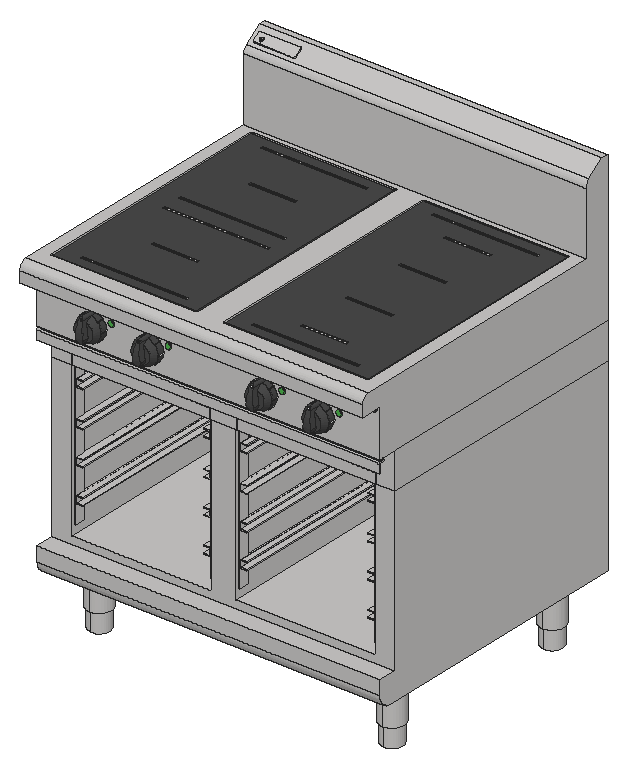
Revit family "QF_Moffat_IN8400R3F-CB_Induction Cooktop_cat", category Specialty Equipment, Revit 2019
Family settings
  Round Connector Dimension = Use Diameter
  Part Type = Normal
  Work Plane-Based = No
  Always vertical = Yes
  Cut with Voids When Loaded = No
  Shared = No
  Room Calculation Point = No
Parameters (values of type "INB8400R3F-CB_400/50/3")
  Weight in Kilograms = 105
  Watts = 17000 W
  Volts = 400 V
  URL Cutsheet = ""
  Specification by User = ""
  Specification by Manufacturer = ""
  Show Logo [instance] = yes
  Serial Number = ""
  Seismic Rating = ""
  SMACNA No = ""
  Revision Code = ""
  Phase = 3
  Number of Poles = 1
  NAFEM Spec ID Number = ""
  Model = "IN8400R3F-CB"
  Min Ckt Ampacity = 0 A
  Max Overcurrent Protection = 0 A
  Masterspec = ""
  Manufacturer = "Moffat"
  Length = 900 mm
  Item Number = ""
  Installed By = ""
  Identify Quantity as Lot = yes
  Height = 1130 mm
  HP = ""
  Furnished By = ""
  Foodservice Equipment Identifier = yes
  FL Amps = 24 A
  Electrical Remarks = ""
  Electric Connection Type = ""
  Elec Conn RI Height = 0 mm
  Elec Conn Connection Height = 0 mm
  Description = "Induction Cooktop"
  Depth = 805 mm
  Cycle = 50 Hz
  Conn Plug = ""
  Conn Conduit = yes
  CSI MasterFormat = ""
  Apparent Power = if(Phase = 3, Volts * FL Amps * 1.73, Volts * FL Amps)  # 16608 VA
Reference planes
  plane 1 "BACK": y = 0
  plane 2: z = 0
  plane 3 "LEFT": x = 0
  plane 4 "RIGHT": x = 900
  plane 5 "FRONT": y = -805
  plane 6 "TOP": z = 1130
  plane 7 "Center Y": x = 450
  plane 8 "Center X": y = -402.5
  plane 9: x = 65.5
  plane 10: x = 834.5
  plane 11: y = -30
  plane 12: z = 150
  plane 13: y = -100
  plane 14: y = -625
  plane 15: y = -70
  plane 16: z = 915
  plane 17: x = 770
Forms (mm)
  Extrusion 1, solid, material "QF_Metal_Stainless_Polished"
    sketch origin (0, 0, 560) x (0, 1, 0) y (0, 0, 1)
      loop
        line (0, 180) -> (0, 570) -> (-18.182, 570) -> (-60.863, 538.99)
        arc (-60.863, 538.99) -> (-67.584, 531.121) -> (-70, 521.058) r 22.165
        line (-70, 521.058) -> (-70, 355) -> (-784.417, 355)
        arc (-784.417, 355) -> (-798.971, 348.971) -> (-805, 334.417) r 20.583
        line (-805, 334.417) -> (-805, 305) -> (-749, 305) -> (-749, 180) -> (0, 180)
    from 0 to 900
  Extrusion 2, void
    sketch origin (0, -784.171, 915) x (0, 1, 0) y (-1, 0, 0)
      loop
        arc (699.341, -37.323) -> (697.584, -33.08) -> (693.341, -31.323) r 6
        line (693.341, -31.323) -> (45.245, -31.323)
        arc (45.245, -31.323) -> (41.002, -33.08) -> (39.245, -37.323) r 6
        line (39.245, -37.323) -> (39.245, -410.105)
        arc (39.245, -410.105) -> (41.002, -414.347) -> (45.245, -416.105) r 6
        line (45.245, -416.105) -> (693.341, -416.105)
        arc (693.341, -416.105) -> (697.584, -414.347) -> (699.341, -410.105) r 6
        line (699.341, -410.105) -> (699.341, -37.323)
      loop
        line (699.341, -862.677) -> (699.341, -489.895)
        arc (699.341, -489.895) -> (697.584, -485.653) -> (693.341, -483.895) r 6
        line (693.341, -483.895) -> (45.245, -483.895)
        arc (45.245, -483.895) -> (41.002, -485.653) -> (39.245, -489.895) r 6
        line (39.245, -489.895) -> (39.245, -862.677)
        arc (39.245, -862.677) -> (41.002, -866.92) -> (45.245, -868.677) r 6
        line (45.245, -868.677) -> (693.341, -868.677)
        arc (693.341, -868.677) -> (697.584, -866.92) -> (699.341, -862.677) r 6
    from 0 to -9.5
  Extrusion 3, solid, material "QF_Plastic_Black_Smooth"
    sketch origin (0, -784.171, 915) x (0, 1, 0) y (-1, 0, 0)
      loop
        line (695.341, -410.105) -> (695.341, -37.323)
        arc (695.341, -37.323) -> (694.755, -35.908) -> (693.341, -35.323) r 2
        line (693.341, -35.323) -> (45.245, -35.323)
        arc (45.245, -35.323) -> (43.831, -35.908) -> (43.245, -37.323) r 2
        line (43.245, -37.323) -> (43.245, -410.105)
        arc (43.245, -410.105) -> (43.831, -411.519) -> (45.245, -412.105) r 2
        line (45.245, -412.105) -> (693.341, -412.105)
        arc (693.341, -412.105) -> (694.755, -411.519) -> (695.341, -410.105) r 2
      loop
        line (667.194, -86.598) -> (661.194, -86.598) -> (661.194, -363.75) -> (667.194, -363.75) -> (667.194, -86.598)
      loop
        line (526.611, -163.924) -> (526.611, -283.924) -> (532.611, -283.924) -> (532.611, -163.924) -> (526.611, -163.924)
      loop
        line (398.444, -86.598) -> (392.444, -86.598) -> (392.444, -363.75) -> (398.444, -363.75) -> (398.444, -86.598)
      loop
        line (345.944, -86.598) -> (339.944, -86.598) -> (339.944, -363.75) -> (345.944, -363.75) -> (345.944, -86.598)
      loop
        line (206.611, -163.924) -> (206.611, -283.924) -> (212.611, -283.924) -> (212.611, -163.924) -> (206.611, -163.924)
      loop
        line (77.194, -86.598) -> (71.194, -86.598) -> (71.194, -363.75) -> (77.194, -363.75) -> (77.194, -86.598)
      loop
        arc (695.341, -489.895) -> (694.755, -488.481) -> (693.341, -487.895) r 2
        line (693.341, -487.895) -> (45.245, -487.895)
        arc (45.245, -487.895) -> (43.831, -488.481) -> (43.245, -489.895) r 2
        line (43.245, -489.895) -> (43.245, -862.677)
        arc (43.245, -862.677) -> (43.831, -864.092) -> (45.245, -864.677) r 2
        line (45.245, -864.677) -> (693.341, -864.677)
        arc (693.341, -864.677) -> (694.755, -864.092) -> (695.341, -862.677) r 2
        line (695.341, -862.677) -> (695.341, -489.895)
      loop
        line (667.194, -813.402) -> (667.194, -536.25) -> (661.194, -536.25) -> (661.194, -813.402) -> (667.194, -813.402)
      loop
        line (601.611, -736.076) -> (607.611, -736.076) -> (607.611, -616.076) -> (601.611, -616.076) -> (601.611, -736.076)
      loop
        line (279.111, -736.076) -> (285.111, -736.076) -> (285.111, -616.076) -> (279.111, -616.076) -> (279.111, -736.076)
      loop
        line (77.194, -813.402) -> (77.194, -536.25) -> (71.194, -536.25) -> (71.194, -813.402) -> (77.194, -813.402)
      loop
        line (454.501, -736.076) -> (460.501, -736.076) -> (460.501, -616.076) -> (454.501, -616.076) -> (454.501, -736.076)
      loop
        line (131.211, -736.076) -> (137.211, -736.076) -> (137.211, -616.076) -> (131.211, -616.076) -> (131.211, -736.076)
    from 0 to -9.5
  Extrusion 4, solid, material "QF_Metal_Stainless_Polished"
    sketch origin (0, 0, 600) x (0, 1, 0) y (0, 0, 1)
      loop
        line (-739.467, 140) -> (-738.192, 134.838)
        arc (-738.192, 134.838) -> (-738.307, 134.302) -> (-738.799, 134.063) r 0.625
        line (-738.799, 134.063) -> (-746.111, 134.063)
        arc (-746.111, 134.063) -> (-748.011, 133.276) -> (-748.797, 131.377) r 2.686
        line (-748.797, 131.377) -> (-748.797, 107.627) -> (-747.197, 107.627) -> (-747.197, 131.242)
        arc (-747.197, 131.242) -> (-746.84, 132.105) -> (-745.976, 132.463) r 1.221
        line (-745.976, 132.463) -> (-738.755, 132.463)
        arc (-738.755, 132.463) -> (-737.028, 133.304) -> (-736.625, 135.182) r 2.194
        line (-736.625, 135.182) -> (-737.815, 140) -> (-739.467, 140)
    from 0 to 900
  Extrusion 5, solid, material "QF_Plastic_Black_Smooth"
    sketch origin (0, -749, 741.875) x (0, 0, 1) y (-1, 0, 0)
      loop
        circle (112.843, -13.157) r 5
      loop
        circle (112.843, -886.843) r 5
    from 0 to 1.6
  Extrusion 6, solid, material "QF_Metal_Stainless_Polished"
    sketch origin (450, -699, 645) x (0, 1, 0) y (1, 0, 0)
      loop
        circle (669, 320) r 6.35
    from 0 to 10
  Extrusion 7, solid, material "QF_Metal_Stainless_Polished"
    sketch origin (0, -699, 645) x (1, 0, 0) y (0, -1, 0)
      loop
        line (0, -699) -> (900, -699) -> (900, 0) -> (849.2, 0) -> (849.2, -25.4) -> (485.8, -25.4) -> (485.8, 0) -> (414.2, 0) -> (414.2, -25.4) -> (50.8, -25.4) -> (50.8, 0) -> (0, 0) -> (0, -699)
    from 0 to -95
  Extrusion 8, solid, material "QF_Metal_Stainless_Polished"
    sketch origin (50.8, -30, 645) x (0, 1, 0) y (0, 0, 1)
      loop
        line (-669, 0) -> (-643.6, 0) -> (-643.6, 26.45) -> (-669, 26.45) -> (-669, 0)
      loop
        line (-669, 32.45) -> (-643.6, 32.45) -> (-643.6, 66.4) -> (-669, 66.4) -> (-669, 32.45)
      loop
        line (-669, 67.4) -> (-643.6, 67.4) -> (-643.6, 95) -> (-669, 95) -> (-669, 67.4)
    from 0 to 363.4
  Extrusion 9, solid, material "QF_Metal_Stainless_Polished"
    sketch origin (900, 0, 560) x (-1, 0, 0) y (0, -1, 0)
      loop
        line (536.25, 122.976) -> (536.25, 116.976) -> (813.402, 116.976) -> (813.402, 122.976) -> (536.25, 122.976)
      loop
        line (736.076, 251.56) -> (736.076, 257.56) -> (616.076, 257.56) -> (616.076, 251.56) -> (736.076, 251.56)
      loop
        line (813.402, 385.726) -> (813.402, 391.726) -> (536.25, 391.726) -> (536.25, 385.726) -> (813.402, 385.726)
      loop
        line (813.402, 438.226) -> (813.402, 444.226) -> (536.25, 444.226) -> (536.25, 438.226) -> (813.402, 438.226)
      loop
        line (736.076, 571.56) -> (736.076, 577.56) -> (616.076, 577.56) -> (616.076, 571.56) -> (736.076, 571.56)
      loop
        line (536.25, 712.976) -> (536.25, 706.976) -> (813.402, 706.976) -> (813.402, 712.976) -> (536.25, 712.976)
      loop
        line (86.598, 712.976) -> (86.598, 706.976) -> (363.75, 706.976) -> (363.75, 712.976) -> (86.598, 712.976)
      loop
        line (163.924, 652.959) -> (163.924, 646.959) -> (283.924, 646.959) -> (283.924, 652.959) -> (163.924, 652.959)
      loop
        line (163.924, 505.06) -> (163.924, 499.06) -> (283.924, 499.06) -> (283.924, 505.06) -> (163.924, 505.06)
      loop
        line (163.924, 329.669) -> (163.924, 323.669) -> (283.924, 323.669) -> (283.924, 329.669) -> (163.924, 329.669)
      loop
        line (163.924, 182.56) -> (163.924, 176.56) -> (283.924, 176.56) -> (283.924, 182.56) -> (163.924, 182.56)
      loop
        line (86.598, 122.976) -> (86.598, 116.976) -> (363.75, 116.976) -> (363.75, 122.976) -> (86.598, 122.976)
    from 355 to 345.5
  Extrusion 10, solid, material "QF_Paint_Green"
    sketch origin (63.231, -748.999, 713.75) x (0, 0, 1) y (-1, 0, 0)
      loop
        circle (100.3, -282.5) r 7.15
    from 0 to 1.6
  Extrusion 11, solid, material "QF_Plastic_Black_Smooth"
    sketch origin (75, -748.999, 725.625) x (0, 0, 1) y (-1, 0, 0)
      loop
        circle (112.843, -225) r 5
    from 0 to 1.6
  Extrusion 12, solid, material "QF_Paint_Green"
    sketch origin (-86.769, -748.999, 713.75) x (0, 0, 1) y (-1, 0, 0)
      loop
        circle (100.3, -282.5) r 7.15
    from 0 to 1.6
  Extrusion 13, solid, material "QF_Plastic_Black_Smooth"
    sketch origin (-75, -748.999, 725.625) x (0, 0, 1) y (-1, 0, 0)
      loop
        circle (112.843, -225) r 5
    from 0 to 1.6
  Extrusion 14, solid, material "QF_Paint_Green"
    sketch origin (511.981, -748.999, 713.75) x (0, 0, 1) y (-1, 0, 0)
      loop
        circle (100.3, -282.5) r 7.15
    from 0 to 1.6
  Extrusion 15, solid, material "QF_Plastic_Black_Smooth"
    sketch origin (523.75, -748.999, 725.625) x (0, 0, 1) y (-1, 0, 0)
      loop
        circle (112.843, -225) r 5
    from 0 to 1.6
  Extrusion 16, solid, material "QF_Paint_Green"
    sketch origin (361.981, -748.999, 713.75) x (0, 0, 1) y (-1, 0, 0)
      loop
        circle (100.3, -282.5) r 7.15
    from 0 to 1.6
  Extrusion 17, solid, material "QF_Plastic_Black_Smooth"
    sketch origin (373.75, -748.999, 725.625) x (0, 0, 1) y (-1, 0, 0)
      loop
        circle (112.843, -225) r 5
    from 0 to 1.6
  Extrusion 18, solid, material "QF_Metal_Stainless_Polished"
    sketch origin (849.2, -30, 645) x (0, 1, 0) y (0, 0, -1)
      loop
        line (-669, 0) -> (-669, -26.45) -> (-643.6, -26.45) -> (-643.6, 0) -> (-669, 0)
      loop
        line (-669, -32.45) -> (-669, -66.4) -> (-643.6, -66.4) -> (-643.6, -32.45) -> (-669, -32.45)
      loop
        line (-669, -67.4) -> (-669, -95) -> (-643.6, -95) -> (-643.6, -67.4) -> (-669, -67.4)
    from 0 to 363.4
Cuts and joins
  Extrusion 2 cuts Extrusion 1
Lines and regions (mm)
  symbolic lines
    curve 1: line (0, 0, 0) -> (900, 0, 0)
    curve 2: line (0, -805, 0) -> (0, 0, 0)
    curve 3: line (900, -805, 0) -> (0, -805, 0)
    curve 4: line (900, 0, 0) -> (900, -805, 0)
    curve 5: line (0, -18.182, 0) -> (900, -18.182, 0)
    curve 6: line (0, -70, 0) -> (450, -70, 0)
    curve 7: line (37.323, -84.83, 0) -> (410.105, -84.83, 0)
    curve 8: arc (410.105, -84.83, 0) -> (414.347, -86.587, 0) -> (416.105, -90.83, 0) r 6
    curve 9: line (416.105, -90.83, 0) -> (416.105, -738.926, 0)
    curve 10: arc (416.105, -738.926, 0) -> (414.347, -743.168, 0) -> (410.105, -744.926, 0) r 6
    curve 11: line (410.105, -744.926, 0) -> (37.323, -744.926, 0)
    curve 12: arc (37.323, -744.926, 0) -> (33.08, -743.168, 0) -> (31.323, -738.926, 0) r 6
    curve 13: line (31.323, -738.926, 0) -> (31.323, -90.83, 0)
    curve 14: arc (31.323, -90.83, 0) -> (33.08, -86.587, 0) -> (37.323, -84.83, 0) r 6
    curve 15: line (410.105, -88.83, 0) -> (37.323, -88.83, 0)
    curve 16: arc (37.323, -88.83, 0) -> (35.908, -89.415, 0) -> (35.323, -90.83, 0) r 2
    curve 17: line (35.323, -90.83, 0) -> (35.323, -738.926, 0)
    curve 18: arc (35.323, -738.926, 0) -> (35.908, -740.34, 0) -> (37.323, -740.926, 0) r 2
    curve 19: line (37.323, -740.926, 0) -> (410.105, -740.926, 0)
    curve 20: arc (410.105, -740.926, 0) -> (411.519, -740.34, 0) -> (412.105, -738.926, 0) r 2
    curve 21: line (412.105, -738.926, 0) -> (412.105, -90.83, 0)
    curve 22: arc (412.105, -90.83, 0) -> (411.519, -89.415, 0) -> (410.105, -88.83, 0) r 2
    curve 23: line (416.105, -738.926, 0) -> (416.105, -90.83, 0)
    curve 24: line (412.105, -90.83, 0) -> (412.105, -738.926, 0)
    curve 25: line (862.677, -84.83, 0) -> (489.895, -84.83, 0)
    curve 26: arc (489.895, -84.83, 0) -> (485.653, -86.587, 0) -> (483.895, -90.83, 0) r 6
    curve 27: arc (483.895, -738.926, 0) -> (485.653, -743.168, 0) -> (489.895, -744.926, 0) r 6
    curve 28: line (489.895, -744.926, 0) -> (862.677, -744.926, 0)
    curve 29: arc (862.677, -744.926, 0) -> (866.92, -743.168, 0) -> (868.677, -738.926, 0) r 6
    curve 30: line (868.677, -738.926, 0) -> (868.677, -90.83, 0)
    curve 31: arc (868.677, -90.83, 0) -> (866.92, -86.587, 0) -> (862.677, -84.83, 0) r 6
    curve 32: line (489.895, -88.83, 0) -> (862.677, -88.83, 0)
    curve 33: arc (862.677, -88.83, 0) -> (864.092, -89.415, 0) -> (864.677, -90.83, 0) r 2
    curve 34: line (864.677, -90.83, 0) -> (864.677, -738.926, 0)
    curve 35: arc (864.677, -738.926, 0) -> (864.092, -740.34, 0) -> (862.677, -740.926, 0) r 2
    curve 36: line (862.677, -740.926, 0) -> (489.895, -740.926, 0)
    curve 37: arc (489.895, -740.926, 0) -> (488.481, -740.34, 0) -> (487.895, -738.926, 0) r 2
    curve 38: arc (487.895, -90.83, 0) -> (488.481, -89.415, 0) -> (489.895, -88.83, 0) r 2
    curve 39: line (487.895, -90.83, 0) -> (487.895, -738.926, 0)
    curve 40: arc (487.895, -738.926, 0) -> (488.481, -740.34, 0) -> (489.895, -740.926, 0) r 2
    curve 41: line (489.895, -740.926, 0) -> (862.677, -740.926, 0)
    curve 42: arc (862.677, -740.926, 0) -> (864.092, -740.34, 0) -> (864.677, -738.926, 0) r 2
    curve 43: line (864.677, -738.926, 0) -> (864.677, -90.83, 0)
    curve 44: arc (864.677, -90.83, 0) -> (864.092, -89.415, 0) -> (862.677, -88.83, 0) r 2
    curve 45: line (862.677, -88.83, 0) -> (489.895, -88.83, 0)
    curve 46: arc (489.895, -88.83, 0) -> (488.481, -89.415, 0) -> (487.895, -90.83, 0) r 2
    curve 47: line (483.895, -90.83, 0) -> (483.895, -738.926, 0)
    curve 48: arc (483.895, -738.926, 0) -> (485.653, -743.168, 0) -> (489.895, -744.926, 0) r 6
    curve 49: line (489.895, -744.926, 0) -> (862.677, -744.926, 0)
    curve 50: arc (862.677, -744.926, 0) -> (866.92, -743.168, 0) -> (868.677, -738.926, 0) r 6
    curve 51: line (868.677, -738.926, 0) -> (868.677, -90.83, 0)
    curve 52: arc (868.677, -90.83, 0) -> (866.92, -86.587, 0) -> (862.677, -84.83, 0) r 6
    curve 53: line (862.677, -84.83, 0) -> (489.895, -84.83, 0)
    curve 54: arc (489.895, -84.83, 0) -> (485.653, -86.587, 0) -> (483.895, -90.83, 0) r 6
    curve 55: line (86.598, -122.976, 0) -> (363.75, -122.976, 0)
    curve 56: line (363.75, -122.976, 0) -> (363.75, -116.976, 0)
    curve 57: line (363.75, -116.976, 0) -> (86.598, -116.976, 0)
    curve 58: line (86.598, -116.976, 0) -> (86.598, -122.976, 0)
    curve 59: line (283.924, -251.56, 0) -> (163.924, -251.56, 0)
    curve 60: line (163.924, -251.56, 0) -> (163.924, -257.56, 0)
    curve 61: line (163.924, -257.56, 0) -> (283.924, -257.56, 0)
    curve 62: line (283.924, -257.56, 0) -> (283.924, -251.56, 0)
    curve 63: line (536.25, -122.976, 0) -> (813.402, -122.976, 0)
    curve 64: line (813.402, -122.976, 0) -> (813.402, -116.976, 0)
    curve 65: line (813.402, -116.976, 0) -> (536.25, -116.976, 0)
    curve 66: line (536.25, -116.976, 0) -> (536.25, -122.976, 0)
    curve 67: line (736.076, -176.56, 0) -> (616.076, -176.56, 0)
    curve 68: line (616.076, -176.56, 0) -> (616.076, -182.56, 0)
    curve 69: line (616.076, -182.56, 0) -> (736.076, -182.56, 0)
    curve 70: line (736.076, -182.56, 0) -> (736.076, -176.56, 0)
    curve 71: line (736.076, -323.669, 0) -> (616.076, -323.669, 0)
    curve 72: line (616.076, -323.669, 0) -> (616.076, -329.669, 0)
    curve 73: line (616.076, -329.669, 0) -> (736.076, -329.669, 0)
    curve 74: line (736.076, -329.669, 0) -> (736.076, -323.669, 0)
    curve 75: line (736.076, -499.06, 0) -> (616.076, -499.06, 0)
    curve 76: line (616.076, -499.06, 0) -> (616.076, -505.06, 0)
    curve 77: line (616.076, -505.06, 0) -> (736.076, -505.06, 0)
    curve 78: line (736.076, -505.06, 0) -> (736.076, -499.06, 0)
    curve 79: line (736.076, -646.959, 0) -> (616.076, -646.959, 0)
    curve 80: line (616.076, -646.959, 0) -> (616.076, -652.959, 0)
    curve 81: line (616.076, -652.959, 0) -> (736.076, -652.959, 0)
    curve 82: line (736.076, -652.959, 0) -> (736.076, -646.959, 0)
    curve 83: line (813.402, -706.976, 0) -> (536.25, -706.976, 0)
    curve 84: line (536.25, -706.976, 0) -> (536.25, -712.976, 0)
    curve 85: line (536.25, -712.976, 0) -> (813.402, -712.976, 0)
    curve 86: line (813.402, -712.976, 0) -> (813.402, -706.976, 0)
    curve 87: line (86.598, -712.976, 0) -> (363.75, -712.976, 0)
    curve 88: line (363.75, -712.976, 0) -> (363.75, -706.976, 0)
    curve 89: line (363.75, -706.976, 0) -> (86.598, -706.976, 0)
    curve 90: line (86.598, -706.976, 0) -> (86.598, -712.976, 0)
    curve 91: line (283.924, -577.56, 0) -> (163.924, -577.56, 0)
    curve 92: line (163.924, -577.56, 0) -> (163.924, -571.56, 0)
    curve 93: line (163.924, -571.56, 0) -> (283.924, -571.56, 0)
    curve 94: line (283.924, -571.56, 0) -> (283.924, -577.56, 0)
    curve 95: line (86.598, -444.226, 0) -> (363.75, -444.226, 0)
    curve 96: line (363.75, -444.226, 0) -> (363.75, -438.226, 0)
    curve 97: line (363.75, -438.226, 0) -> (86.598, -438.226, 0)
    curve 98: line (86.598, -438.226, 0) -> (86.598, -444.226, 0)
    curve 99: line (86.598, -391.726, 0) -> (363.75, -391.726, 0)
    curve 100: line (363.75, -391.726, 0) -> (363.75, -385.726, 0)
    curve 101: line (363.75, -385.726, 0) -> (86.598, -385.726, 0)
    curve 102: line (86.598, -385.726, 0) -> (86.598, -391.726, 0)
    curve 103: line (0, 0, 560) -> (900, 0, 560)
    curve 104: line (0, -805, 560) -> (0, 0, 560)
    curve 105: line (900, -805, 560) -> (0, -805, 560)
    curve 106: line (900, 0, 560) -> (900, -805, 560)
    curve 107: line (0, -18.182, 560) -> (900, -18.182, 560)
    curve 108: line (0, -70, 560) -> (900, -70, 560)
    curve 109: line (416.105, -90.83, 560) -> (416.105, -738.926, 560)
    curve 110: line (412.105, -738.926, 560) -> (412.105, -90.83, 560)
    curve 111: line (416.105, -738.926, 560) -> (416.105, -90.83, 560)
    curve 112: line (412.105, -90.83, 560) -> (412.105, -738.926, 560)
    curve 113: line (862.677, -84.83, 560) -> (489.895, -84.83, 560)
    curve 114: arc (483.895, -738.926, 560) -> (485.653, -743.168, 560) -> (489.895, -744.926, 560) r 6
    curve 115: line (489.895, -744.926, 560) -> (862.677, -744.926, 560)
    curve 116: arc (862.677, -744.926, 560) -> (866.92, -743.168, 560) -> (868.677, -738.926, 560) r 6
    curve 117: arc (864.677, -738.926, 560) -> (864.092, -740.34, 560) -> (862.677, -740.926, 560) r 2
    curve 118: line (862.677, -740.926, 560) -> (489.895, -740.926, 560)
    curve 119: arc (489.895, -740.926, 560) -> (488.481, -740.34, 560) -> (487.895, -738.926, 560) r 2
    curve 120: arc (487.895, -738.926, 560) -> (488.481, -740.34, 560) -> (489.895, -740.926, 560) r 2
    curve 121: line (489.895, -740.926, 560) -> (862.677, -740.926, 560)
    curve 122: arc (862.677, -740.926, 560) -> (864.092, -740.34, 560) -> (864.677, -738.926, 560) r 2
    curve 123: arc (483.895, -738.926, 560) -> (485.653, -743.168, 560) -> (489.895, -744.926, 560) r 6
    curve 124: line (489.895, -744.926, 560) -> (862.677, -744.926, 560)
    curve 125: arc (862.677, -744.926, 560) -> (866.92, -743.168, 560) -> (868.677, -738.926, 560) r 6
    curve 126: line (86.598, -122.976, 560) -> (363.75, -122.976, 560)
    curve 127: line (363.75, -122.976, 560) -> (363.75, -116.976, 560)
    curve 128: line (363.75, -116.976, 560) -> (86.598, -116.976, 560)
    curve 129: line (86.598, -116.976, 560) -> (86.598, -122.976, 560)
    curve 130: line (283.924, -251.56, 560) -> (163.924, -251.56, 560)
    curve 131: line (163.924, -251.56, 560) -> (163.924, -257.56, 560)
    curve 132: line (163.924, -257.56, 560) -> (283.924, -257.56, 560)
    curve 133: line (283.924, -257.56, 560) -> (283.924, -251.56, 560)
    curve 134: line (536.25, -122.976, 560) -> (813.402, -122.976, 560)
    curve 135: line (813.402, -122.976, 560) -> (813.402, -116.976, 560)
    curve 136: line (813.402, -116.976, 560) -> (536.25, -116.976, 560)
    curve 137: line (536.25, -116.976, 560) -> (536.25, -122.976, 560)
    curve 138: line (736.076, -176.56, 560) -> (616.076, -176.56, 560)
    curve 139: line (616.076, -176.56, 560) -> (616.076, -182.56, 560)
    curve 140: line (616.076, -182.56, 560) -> (736.076, -182.56, 560)
    curve 141: line (736.076, -182.56, 560) -> (736.076, -176.56, 560)
    curve 142: line (736.076, -323.669, 560) -> (616.076, -323.669, 560)
    curve 143: line (616.076, -323.669, 560) -> (616.076, -329.669, 560)
    curve 144: line (616.076, -329.669, 560) -> (736.076, -329.669, 560)
    curve 145: line (736.076, -329.669, 560) -> (736.076, -323.669, 560)
    curve 146: line (736.076, -499.06, 560) -> (616.076, -499.06, 560)
    curve 147: line (616.076, -499.06, 560) -> (616.076, -505.06, 560)
    curve 148: line (616.076, -505.06, 560) -> (736.076, -505.06, 560)
    curve 149: line (736.076, -505.06, 560) -> (736.076, -499.06, 560)
    curve 150: line (736.076, -646.959, 560) -> (616.076, -646.959, 560)
    curve 151: line (616.076, -646.959, 560) -> (616.076, -652.959, 560)
    curve 152: line (616.076, -652.959, 560) -> (736.076, -652.959, 560)
    curve 153: line (736.076, -652.959, 560) -> (736.076, -646.959, 560)
    curve 154: line (813.402, -706.976, 560) -> (536.25, -706.976, 560)
    curve 155: line (536.25, -706.976, 560) -> (536.25, -712.976, 560)
    curve 156: line (536.25, -712.976, 560) -> (813.402, -712.976, 560)
    curve 157: line (813.402, -712.976, 560) -> (813.402, -706.976, 560)
    curve 158: line (86.598, -712.976, 560) -> (363.75, -712.976, 560)
    curve 159: line (363.75, -712.976, 560) -> (363.75, -706.976, 560)
    curve 160: line (363.75, -706.976, 560) -> (86.598, -706.976, 560)
    curve 161: line (86.598, -706.976, 560) -> (86.598, -712.976, 560)
    curve 162: line (283.924, -577.56, 560) -> (163.924, -577.56, 560)
    curve 163: line (163.924, -577.56, 560) -> (163.924, -571.56, 560)
    curve 164: line (163.924, -571.56, 560) -> (283.924, -571.56, 560)
    curve 165: line (283.924, -571.56, 560) -> (283.924, -577.56, 560)
    curve 166: line (86.598, -444.226, 560) -> (363.75, -444.226, 560)
    curve 167: line (363.75, -444.226, 560) -> (363.75, -438.226, 560)
    curve 168: line (363.75, -438.226, 560) -> (86.598, -438.226, 560)
    curve 169: line (86.598, -438.226, 560) -> (86.598, -444.226, 560)
    curve 170: line (86.598, -391.726, 560) -> (363.75, -391.726, 560)
    curve 171: line (363.75, -391.726, 560) -> (363.75, -385.726, 560)
    curve 172: line (363.75, -385.726, 560) -> (86.598, -385.726, 560)
    curve 173: line (86.598, -385.726, 560) -> (86.598, -391.726, 560)
Dimensions and locks
  equal spacing: plane 3 "LEFT", plane 7 "Center Y", plane 4 "RIGHT"
  "Length": plane 3 "LEFT" to plane 4 "RIGHT"
  equal spacing: plane 5 "FRONT", plane 8 "Center X", plane 1 "BACK"
  "Depth": plane 5 "FRONT" to plane 1 "BACK"
  "Height": plane 6 "TOP" to level
  plane 9 to plane 10 = 769 mm
  plane 4 "RIGHT" to plane 3 "LEFT" = 900 mm
  plane 6 "TOP" to plane 2 = 1130 mm
  plane 1 "BACK" to plane 11 = 30 mm
  plane 1 "BACK" to plane 13 to plane 14 = 100 mm, 525 mm
  plane 1 "BACK" to plane 15 = 70 mm
  plane 16 to level = 915 mm  (x2)
  level to plane 12 = 150 mm
  plane 12 to level = 150 mm
  plane 4 "RIGHT" to plane 17 = 130 mm
  plane 1 "BACK" to plane 5 "FRONT" = 805 mm
  locked: plane 10 to plane 4 "RIGHT" at 65.5
  aligned and locked: level to plane 2
  aligned and locked: Extrusion 18 to Extrusion 7  (x2)
Automatic sketch dimensions
  curve 8 to curve 22 = 0 mm  (x2)
  curve 10 to curve 20 = 0 mm  (x2)
  curve 12 to curve 18 = 0 mm  (x2)
  curve 14 to curve 16 = 0 mm  (x2)
  curve 26 to curve 38 = 0 mm  (x2)
  curve 26 to curve 46 = 0 mm  (x2)
  curve 26 to curve 54 = 0 mm  (x2)
  curve 27 to curve 37 = 0 mm  (x2)
  curve 27 to curve 40 = 0 mm  (x2)
  curve 27 to curve 48 = 0 mm  (x2)
  curve 29 to curve 35 = 0 mm  (x2)
  curve 29 to curve 42 = 0 mm  (x2)
  curve 29 to curve 50 = 0 mm  (x2)
  curve 31 to curve 33 = 0 mm  (x2)
  curve 31 to curve 44 = 0 mm  (x2)
  curve 31 to curve 52 = 0 mm  (x2)
  curve 33 to curve 44 = 0 mm  (x2)
  curve 33 to curve 52 = 0 mm  (x2)
  curve 35 to curve 42 = 0 mm  (x2)
  curve 35 to curve 50 = 0 mm  (x2)
  curve 37 to curve 40 = 0 mm  (x2)
  curve 37 to curve 48 = 0 mm  (x2)
  curve 38 to curve 46 = 0 mm  (x2)
  curve 38 to curve 54 = 0 mm  (x2)
  curve 40 to curve 48 = 0 mm  (x2)
  curve 42 to curve 50 = 0 mm  (x2)
  curve 44 to curve 52 = 0 mm  (x2)
  curve 46 to curve 54 = 0 mm  (x2)
  plane 1 "BACK" to curve 1 = 0 mm
  curve 1 to plane 3 "LEFT" = 0 mm
  curve 6 to plane 7 "Center Y" = 0 mm
  curve 5 to plane 4 "RIGHT" = 0 mm
  plane 5 "FRONT" to curve 3 = 0 mm
  plane 15 to curve 6 = 0 mm
  plane 3 "LEFT" to curve 13 = 31.323 mm
  curve 13 to curve 17 = 4 mm
  curve 17 to curve 16 = 2 mm
  curve 17 to curve 18 = 2 mm
  curve 102 to plane 9 = 21.098 mm
  curve 57 to plane 9 = 21.098 mm
  curve 87 to plane 9 = 21.098 mm
  curve 95 to plane 9 = 21.098 mm
  curve 91 to plane 14 = 47.44 mm
  curve 91 to plane 9 = 98.424 mm
  curve 60 to plane 9 = 98.424 mm
  curve 60 to curve 61 = 120 mm
  curve 93 to plane 14 = 53.44 mm
  curve 92 to curve 93 = 120 mm
  curve 96 to plane 8 "Center X" = 41.726 mm
  curve 96 to plane 7 "Center Y" = 86.25 mm
  plane 8 "Center X" to curve 99 = 10.774 mm
  curve 99 to curve 96 = 0 mm
  plane 13 to curve 56 = 16.976 mm
  curve 56 to plane 7 "Center Y" = 86.25 mm
  curve 89 to plane 7 "Center Y" = 86.25 mm
  curve 8 to plane 13 = 9.17 mm
  curve 8 to plane 7 "Center Y" = 39.895 mm
  curve 10 to plane 7 "Center Y" = 39.895 mm
  curve 8 to curve 21 = 2 mm
  plane 7 "Center Y" to curve 47 = 33.895 mm
  curve 27 to curve 39 = 4 mm
  curve 38 to curve 46 = 2 mm
  curve 37 to curve 36 = 2 mm
  plane 13 to curve 66 = 22.976 mm
  curve 26 to curve 66 = 46.355 mm
  curve 27 to curve 85 = 46.355 mm
  curve 63 to curve 67 = 79.826 mm
  curve 77 to plane 17 = 153.924 mm
  plane 14 to curve 80 = 21.959 mm
  curve 83 to curve 80 = 79.826 mm
  plane 8 "Center X" to curve 73 = 72.831 mm
  curve 73 to curve 68 = 0 mm
  curve 77 to plane 17 = 33.924 mm
  curve 67 to plane 17 = 33.924 mm
  curve 71 to plane 17 = 33.924 mm
  curve 79 to plane 17 = 33.924 mm
  plane 10 to curve 63 = 21.098 mm
  plane 10 to curve 85 = 21.098 mm
  curve 42 to plane 10 = 28.177 mm
  curve 32 to plane 13 = 11.17 mm
  curve 32 to plane 10 = 28.177 mm
  curve 31 to curve 34 = 2 mm
  curve 49 to plane 5 "FRONT" = 60.074 mm
  curve 11 to plane 5 "FRONT" = 60.074 mm
  curve 27 to curve 84 = 25.949 mm
  curve 10 to curve 87 = 25.949 mm
  curve 85 to curve 83 = 6 mm
  curve 87 to curve 90 = 6 mm
  curve 81 to curve 79 = 6 mm
  curve 78 to plane 8 "Center X" = 102.56 mm
  curve 77 to curve 75 = 6 mm
  curve 95 to curve 98 = 6 mm
  curve 99 to curve 100 = 6 mm
  curve 73 to curve 74 = 6 mm
  plane 8 "Center X" to curve 62 = 144.94 mm
  curve 61 to curve 62 = 6 mm
  plane 13 to curve 70 = 82.56 mm
  curve 68 to curve 68 = 6 mm
  curve 58 to curve 57 = 6 mm
  curve 63 to curve 65 = 6 mm
  curve 5 to plane 11 = 11.818 mm
  Extrusion 1 sketch curve to plane 5 "FRONT" = 0 mm
  Extrusion 1 sketch curve to plane 16 = 0 mm
  Extrusion 1 sketch curve to plane 15 = 0 mm
  Extrusion 1 sketch curve to plane 6 "TOP" = 0 mm
  Extrusion 1 sketch curve to plane 1 "BACK" = 0 mm
  Extrusion 1 sketch curve to plane 5 "FRONT" = 20.583 mm
  Extrusion 1 sketch curve to plane 5 "FRONT" = 56 mm
  Extrusion 1 sketch curve to plane 15 = 9.137 mm
  plane 11 to Extrusion 1 sketch curve = 17.835 mm
  Extrusion 1 sketch curve to plane 11 = 11.818 mm
  Extrusion 1 sketch curve to Extrusion 1 sketch curve = 29.417 mm
  Extrusion 1 sketch curve to plane 16 = 175 mm
  Extrusion 1 sketch curve to plane 6 "TOP" = 48.942 mm
  Extrusion 2 sketch curve to Extrusion 1 = 39.492 mm  (x2)
  Extrusion 2 sketch curve to Extrusion 2 sketch curve = 6 mm  (x6)
  Extrusion 1 to Extrusion 2 sketch curve = 20.83 mm  (x4)
  Extrusion 1 to Extrusion 2 sketch curve = 31.323 mm
  Extrusion 2 sketch curve to Extrusion 2 sketch curve = 372.782 mm
  Extrusion 2 sketch curve to Extrusion 2 sketch curve = 67.791 mm
  Extrusion 1 to Extrusion 2 sketch curve = 37.323 mm
  Extrusion 3 sketch curve to Extrusion 1 = 43.492 mm  (x2)
  Extrusion 3 sketch curve to Extrusion 3 sketch curve = 2 mm  (x6)
  Extrusion 3 sketch curve to Extrusion 3 sketch curve = 25.949 mm  (x2)
  Extrusion 3 sketch curve to Extrusion 3 sketch curve = 6 mm  (x12)
  Extrusion 3 sketch curve to Extrusion 3 sketch curve = 54.017 mm
  Extrusion 3 sketch curve to Extrusion 3 sketch curve = 129.416 mm
  Extrusion 3 sketch curve to Extrusion 3 sketch curve = 141.899 mm
  Extrusion 3 sketch curve to Extrusion 3 sketch curve = 127.334 mm
  Extrusion 3 sketch curve to Extrusion 3 sketch curve = 46.5 mm
  Extrusion 3 sketch curve to Extrusion 3 sketch curve = 169.391 mm
  Extrusion 3 sketch curve to Extrusion 3 sketch curve = 128.166 mm
  Extrusion 1 to Extrusion 3 sketch curve = 112.56 mm
  Extrusion 1 to Extrusion 3 sketch curve = 52.976 mm  (x2)
  Extrusion 1 to Extrusion 3 sketch curve = 20.83 mm  (x4)
  Extrusion 1 to Extrusion 3 sketch curve = 35.323 mm
  Extrusion 3 sketch curve to Extrusion 3 sketch curve = 49.275 mm  (x2)
  Extrusion 3 sketch curve to Extrusion 3 sketch curve = 77.326 mm  (x2)
  Extrusion 1 to Extrusion 3 sketch curve = 163.924 mm
  Extrusion 3 sketch curve to Extrusion 3 sketch curve = 0 mm  (x3)
  Extrusion 3 sketch curve to Extrusion 3 sketch curve = 120 mm  (x6)
  Extrusion 3 sketch curve to Extrusion 3 sketch curve = 79.826 mm  (x4)
  Extrusion 3 sketch curve to Extrusion 3 sketch curve = 46.355 mm  (x3)
  Extrusion 3 sketch curve to Extrusion 3 sketch curve = 75.791 mm
  Extrusion 3 sketch curve to Extrusion 3 sketch curve = 252.326 mm
  Extrusion 1 to Extrusion 3 sketch curve = 86.598 mm  (x3)
  Extrusion 1 to Extrusion 3 sketch curve = 37.323 mm
  Extrusion 4 sketch curve to plane 5 "FRONT" = 56.203 mm
  Extrusion 4 sketch curve to Extrusion 4 sketch curve = 1.6 mm
  Extrusion 4 sketch curve to Extrusion 4 sketch curve = 1.086 mm
  Extrusion 4 sketch curve to Extrusion 4 sketch curve = 0.135 mm  (x2)
  Extrusion 4 sketch curve to Extrusion 4 sketch curve = 6.644 mm
  Extrusion 4 sketch curve to Extrusion 4 sketch curve = 0.668 mm
  Extrusion 4 sketch curve to Extrusion 4 sketch curve = 0.044 mm
  Extrusion 4 sketch curve to Extrusion 4 sketch curve = 0.563 mm
  Extrusion 4 sketch curve to Extrusion 4 sketch curve = 1.652 mm
  Extrusion 4 sketch curve to Extrusion 4 sketch curve = 1.567 mm
  Extrusion 4 sketch curve to plane 16 = 207.373 mm
  Extrusion 4 sketch curve to Extrusion 4 sketch curve = 23.614 mm
  Extrusion 4 sketch curve to Extrusion 4 sketch curve = 0.594 mm
  Extrusion 4 sketch curve to Extrusion 4 sketch curve = 0.032 mm
  Extrusion 4 sketch curve to Extrusion 4 sketch curve = 5.162 mm
  Extrusion 1 to Extrusion 5 sketch curve = 10.282 mm  (x2)
  Extrusion 1 to Extrusion 5 sketch curve = 13.157 mm  (x2)
  Extrusion 7 to Extrusion 6 sketch curve = 30 mm
  Extrusion 6 sketch curve to Extrusion 7 = 79.2 mm
  Extrusion 7 sketch curve to plane 3 "LEFT" = 0 mm
  Extrusion 7 sketch curve to plane 4 "RIGHT" = 0 mm
  plane 1 "BACK" to Extrusion 7 sketch curve = 0 mm
  plane 9 to Extrusion 7 sketch curve = 14.7 mm
  Extrusion 7 sketch curve to plane 7 "Center Y" = 35.8 mm
  plane 7 "Center Y" to Extrusion 7 sketch curve = 35.8 mm
  Extrusion 7 sketch curve to plane 10 = 14.7 mm
  plane 14 to Extrusion 7 sketch curve = 48.6 mm  (x2)
  Extrusion 7 sketch curve to Extrusion 7 sketch curve = 25.4 mm  (x3)
  Extrusion 8 sketch curve to Extrusion 7 = 0 mm  (x8)
  Extrusion 7 to Extrusion 8 sketch curve = 26.45 mm
  Extrusion 8 sketch curve to Extrusion 8 sketch curve = 6 mm
  Extrusion 7 to Extrusion 8 sketch curve = 28.6 mm
  Extrusion 8 sketch curve to Extrusion 8 sketch curve = 1 mm
  Extrusion 9 sketch curve to plane 10 = 21.098 mm  (x2)
  plane 17 to Extrusion 9 sketch curve = 33.924 mm  (x4)
  Extrusion 9 sketch curve to Extrusion 9 sketch curve = 120 mm  (x4)
  Extrusion 9 sketch curve to plane 14 = 21.959 mm
  Extrusion 9 sketch curve to plane 7 "Center Y" = 86.25 mm  (x2)
  Extrusion 9 sketch curve to plane 13 = 16.976 mm
  Extrusion 9 sketch curve to plane 13 = 22.976 mm
  plane 7 "Center Y" to Extrusion 9 sketch curve = 86.25 mm  (x3)
  Extrusion 9 sketch curve to plane 8 "Center X" = 10.774 mm
  Extrusion 9 sketch curve to Extrusion 9 sketch curve = 0 mm
  Extrusion 9 sketch curve to Extrusion 9 sketch curve = 79.826 mm  (x2)
  plane 14 to Extrusion 9 sketch curve = 53.44 mm
  plane 9 to Extrusion 9 sketch curve = 98.424 mm  (x2)
  plane 9 to Extrusion 9 sketch curve = 21.098 mm  (x4)
  Extrusion 9 sketch curve to Extrusion 9 sketch curve = 6 mm  (x12)
  Extrusion 9 sketch curve to plane 14 = 81.976 mm  (x2)
  plane 8 "Center X" to Extrusion 9 sketch curve = 102.56 mm
  plane 8 "Center X" to Extrusion 9 sketch curve = 41.726 mm
  Extrusion 9 sketch curve to plane 8 "Center X" = 72.831 mm
  Extrusion 9 sketch curve to plane 8 "Center X" = 144.94 mm
  Extrusion 9 sketch curve to plane 13 = 82.56 mm
  Extrusion 10 sketch curve to plane 16 = 100.95 mm
  Extrusion 10 sketch curve to plane 7 "Center Y" = 104.269 mm
  Extrusion 11 sketch curve to plane 16 = 76.532 mm
  Extrusion 11 sketch curve to plane 7 "Center Y" = 150 mm
  Extrusion 12 sketch curve to plane 16 = 100.95 mm
  Extrusion 12 sketch curve to plane 9 = 130.231 mm
  Extrusion 13 sketch curve to plane 16 = 76.532 mm
  Extrusion 13 sketch curve to plane 9 = 84.5 mm
  plane 17 to Extrusion 14 sketch curve = 24.481 mm
  Extrusion 14 sketch curve to plane 16 = 100.95 mm
  Extrusion 15 sketch curve to plane 17 = 21.25 mm
  Extrusion 15 sketch curve to plane 16 = 76.532 mm
  Extrusion 16 sketch curve to plane 16 = 100.95 mm
  Extrusion 16 sketch curve to plane 17 = 125.519 mm
  Extrusion 17 sketch curve to plane 16 = 76.532 mm
  plane 7 "Center Y" to Extrusion 17 sketch curve = 148.75 mm
  plane 14 to Extrusion 18 sketch curve = 74 mm
  Extrusion 18 sketch curve to Extrusion 18 sketch curve = 0 mm  (x4)
  Extrusion 18 sketch curve to Extrusion 18 sketch curve = 25.4 mm
  Extrusion 18 sketch curve to plane 16 = 175 mm
  Extrusion 18 sketch curve to Extrusion 18 sketch curve = 27.6 mm
  Extrusion 18 sketch curve to Extrusion 18 sketch curve = 1 mm
  Extrusion 18 sketch curve to Extrusion 18 sketch curve = 33.95 mm
  Extrusion 18 sketch curve to Extrusion 18 sketch curve = 6 mm
  Extrusion 18 sketch curve to Extrusion 18 sketch curve = 26.45 mm
  curve 114 to curve 119 = 0 mm
  curve 114 to curve 120 = 0 mm
  curve 116 to curve 117 = 0 mm  (x2)
  plane 1 "BACK" to curve 103 = 0 mm
  curve 103 to plane 3 "LEFT" = 0 mm
  curve 108 to plane 4 "RIGHT" = 0 mm
  plane 5 "FRONT" to curve 105 = 0 mm
  plane 15 to curve 108 = 0 mm
  curve 169 to plane 9 = 21.098 mm
  curve 173 to plane 9 = 21.098 mm
  curve 161 to plane 9 = 21.098 mm
  curve 129 to plane 9 = 21.098 mm
  curve 163 to plane 14 = 47.44 mm
  curve 163 to plane 9 = 98.424 mm
  curve 131 to plane 9 = 98.424 mm
  curve 130 to curve 130 = 120 mm
  curve 164 to plane 14 = 53.44 mm
  curve 163 to curve 164 = 120 mm
  plane 8 "Center X" to curve 171 = 10.774 mm
  curve 171 to plane 7 "Center Y" = 86.25 mm
  plane 13 to curve 127 = 22.976 mm
  curve 127 to plane 7 "Center Y" = 86.25 mm
  curve 160 to plane 7 "Center Y" = 86.25 mm
  curve 166 to curve 170 = 0 mm
  curve 112 to plane 7 "Center Y" = 37.895 mm
  curve 110 to curve 109 = 4 mm
  plane 7 "Center Y" to curve 121 = 39.895 mm
  plane 13 to curve 134 = 22.976 mm
  plane 7 "Center Y" to curve 134 = 86.25 mm
  curve 114 to curve 156 = 46.355 mm
  curve 142 to plane 17 = 153.924 mm
  curve 134 to curve 138 = 79.826 mm
  curve 146 to plane 17 = 153.924 mm
  plane 14 to curve 152 = 27.959 mm
  curve 154 to curve 152 = 79.826 mm
  curve 150 to plane 17 = 33.924 mm
  curve 149 to plane 17 = 33.924 mm
  curve 142 to plane 17 = 33.924 mm
  curve 141 to plane 17 = 33.924 mm
  plane 10 to curve 157 = 21.098 mm
  plane 10 to curve 136 = 21.098 mm
  curve 115 to plane 10 = 28.177 mm
  curve 115 to plane 5 "FRONT" = 60.074 mm
  curve 115 to curve 118 = 4 mm
  curve 118 to curve 122 = 2 mm
  curve 118 to curve 123 = 2 mm
  curve 111 to plane 5 "FRONT" = 66.074 mm
  curve 110 to curve 109 = 0 mm
  plane 14 to curve 161 = 87.976 mm
  curve 116 to curve 157 = 25.949 mm
  curve 156 to curve 154 = 6 mm
  curve 158 to curve 161 = 6 mm
  curve 152 to curve 153 = 6 mm
  curve 148 to plane 8 "Center X" = 102.56 mm
  curve 148 to curve 146 = 6 mm
  curve 169 to plane 8 "Center X" = 41.726 mm
  curve 166 to curve 169 = 6 mm
  curve 170 to curve 172 = 6 mm
  plane 8 "Center X" to curve 143 = 72.831 mm
  curve 143 to curve 143 = 6 mm
  plane 8 "Center X" to curve 131 = 144.94 mm
  curve 132 to curve 130 = 6 mm
  plane 13 to curve 139 = 82.56 mm
  curve 139 to curve 138 = 6 mm
  curve 126 to curve 128 = 6 mm
  curve 134 to curve 135 = 6 mm
  curve 110 to plane 13 = 9.17 mm
  curve 110 to curve 111 = 0 mm
  plane 15 to curve 113 = 14.83 mm
  plane 7 "Center Y" to curve 113 = 39.895 mm
  curve 113 to plane 10 = 28.177 mm
  curve 107 to plane 11 = 11.818 mm
  radius of Extrusion 5 sketch curve = 5 mm  (x2)
  radius of Extrusion 6 sketch curve = 6.35 mm
  radius of Extrusion 10 sketch curve = 7.15 mm
  radius of Extrusion 11 sketch curve = 5 mm
  radius of Extrusion 12 sketch curve = 7.15 mm
  radius of Extrusion 13 sketch curve = 5 mm
  radius of Extrusion 14 sketch curve = 7.15 mm
  radius of Extrusion 15 sketch curve = 5 mm
  radius of Extrusion 16 sketch curve = 7.15 mm
  radius of Extrusion 17 sketch curve = 5 mm
Nested families
  nested 1: "IN8400F-CB_Cabinet base" at (0, 0, 0), type "IN511F-LS"
  nested 2: "QF_LOGO_Waldorf" at (12, -52.35, 1105.175), visible <- "Show Logo", type "QF_LOGO_Waldorf"
  nested 3: "Knob" at (267.5, -739.499, 760.75), type "Knob"
  nested 4: "Knob" at (117.5, -739.499, 760.75), type "Knob"
  nested 5: "Knob" at (716.25, -739.499, 760.75), type "Knob"
  nested 6: "Knob" at (566.25, -739.499, 760.75), type "Knob"
Connectors
  electrical at (770, -30, 635), driven by "Volts", driven by "Watts"
    settings: on Extrusion 6, index 5, voltage 400 V, apparent load 17000 VA, apparent load phase1 0 VA, apparent load phase2 0 VA, apparent load phase3 0 VA, power factor 1, load classification "Other", number of poles 1, system type 30, power factor state 1, is connector primary yes, connector utility no, sub classification motor no, connector description "ELEECTRICAL CONNECTION"
Definition of nested family "IN8400F-CB_Cabinet base"
  Parameters (values of type "IN511F-LS")
    Model = ""
    Manufacturer = ""
    Description = ""
  Reference planes
    plane 1 "BACK": y = 0
    plane 2: z = 0
    plane 3 "LEFT": x = 0
    plane 4 "RIGHT": x = 900
    plane 5 "FRONT": y = -805
    plane 6 "TOP": z = 1130
    plane 7 "Center Y": x = 450
    plane 8 "Center X": y = -402.5
    plane 9: x = 65.5
    plane 10: x = 834.5
    plane 11: y = -100
    plane 12: y = -625
    plane 13: z = 150
    plane 14: z = 645
  Forms (mm)
    Revolve 1, solid
      sketch origin (65.5, -4572, 255.2) x (0, 0, -1) y (0, -1, 0)
        loop
          line (255.2, -3974.5) -> (255.2, -3947) -> (105.2, -3947) -> (105.2, -3978.75) -> (205.2, -3978.75) -> (205.2, -3974.5) -> (255.2, -3974.5)
        axis (105.2, -3947) -> (255.2, -3947)
      angle from 0 to 360
    Revolve 2, solid
      sketch origin (834.5, -4572, 255.2) x (0, 0, -1) y (0, 1, 0)
        loop
          line (255.2, 3974.5) -> (205.2, 3974.5) -> (205.2, 3978.75) -> (105.2, 3978.75) -> (105.2, 3947) -> (255.2, 3947) -> (255.2, 3974.5)
        axis (105.2, 3947) -> (255.2, 3947)
      angle from 0 to 360
    Extrusion 3, solid
      sketch origin (0, 0, 0) x (0, 1, 0) y (0, 0, 1)
        loop
          line (-50.8, 150) -> (-50.8, 242.5) -> (-699, 242.5) -> (-699, 222.5) -> (-747.95, 222.5) -> (-747.95, 185)
          arc (-747.95, 185) -> (-737.699, 160.251) -> (-712.95, 150) r 35
          line (-712.95, 150) -> (-50.8, 150)
      from 0 to 900
    Extrusion 4, solid
      sketch origin (-6096, 120, 150) x (0, 1, 0) y (-1, 0, 0)
        loop
          line (-120, -6096) -> (-819, -6096) -> (-819, -6146.8) -> (-170.8, -6146.8) -> (-170.8, -6514.25) -> (-819, -6514.25) -> (-819, -6577.75) -> (-170.8, -6577.75) -> (-170.8, -6945.2) -> (-819, -6945.2) -> (-819, -6996) -> (-120, -6996) -> (-120, -6096)
      from 0 to 495
    Extrusion 5, solid
      sketch origin (50.8, -50.8, 267.5) x (0, 0, 1) y (1, 0, 0)
        loop
          line (325, 25.4) -> (325, 6.4) -> (345, 6.4) -> (345, 25.4) -> (343.4, 25.4) -> (343.4, 8) -> (326.6, 8) -> (326.6, 25.4) -> (325, 25.4)
        loop
          line (230, 25.4) -> (230, 6.4) -> (250, 6.4) -> (250, 25.4) -> (248.4, 25.4) -> (248.4, 8) -> (231.6, 8) -> (231.6, 25.4) -> (230, 25.4)
        loop
          line (140, 25.4) -> (140, 6.4) -> (160, 6.4) -> (160, 25.4) -> (158.4, 25.4) -> (158.4, 8) -> (141.6, 8) -> (141.6, 25.4) -> (140, 25.4)
        loop
          line (50, 25.4) -> (50, 6.4) -> (70, 6.4) -> (70, 25.4) -> (68.4, 25.4) -> (68.4, 8) -> (51.6, 8) -> (51.6, 25.4) -> (50, 25.4)
      from 0 to -641.85
    Extrusion 6, solid
      sketch origin (50.8, 44.437, 150) x (0, 1, 0) y (0, 0, 1)
        loop
          line (-95.237, 493.4) -> (-120.637, 493.4) -> (-120.637, 117.5) -> (-95.237, 117.5) -> (-95.237, 493.4)
        loop
          line (-709.687, 117.5) -> (-709.687, 495) -> (-737.087, 495) -> (-737.087, 117.5) -> (-709.687, 117.5)
      from 0 to 6.4
    Revolve 7, solid
      sketch origin (65.5, -4047, 255.2) x (0, 0, -1) y (0, -1, 0)
        loop
          line (255.2, -3974.5) -> (255.2, -3947) -> (105.2, -3947) -> (105.2, -3978.75) -> (205.2, -3978.75) -> (205.2, -3974.5) -> (255.2, -3974.5)
        axis (105.2, -3947) -> (255.2, -3947)
      angle from 0 to 360
    Revolve 8, solid
      sketch origin (834.5, -4047, 255.2) x (0, 0, -1) y (0, 1, 0)
        loop
          line (255.2, 3974.5) -> (205.2, 3974.5) -> (205.2, 3978.75) -> (105.2, 3978.75) -> (105.2, 3947) -> (255.2, 3947) -> (255.2, 3974.5)
        axis (105.2, 3947) -> (255.2, 3947)
      angle from 0 to 360
    Extrusion 9, solid
      sketch origin (418.25, 44.437, 150) x (0, 1, 0) y (0, 0, -1)
        loop
          line (-95.237, -488.4) -> (-95.237, -117.5) -> (-120.637, -117.5) -> (-120.637, -488.4) -> (-95.237, -488.4)
        loop
          line (-709.687, -117.5) -> (-737.087, -117.5) -> (-737.087, -490) -> (-709.687, -490) -> (-709.687, -117.5)
      from 0 to 6.4
    Extrusion 10, solid
      sketch origin (481.75, 44.437, 150) x (0, 1, 0) y (0, 0, 1)
        loop
          line (-95.237, 488.4) -> (-120.637, 488.4) -> (-120.637, 117.5) -> (-95.237, 117.5) -> (-95.237, 488.4)
        loop
          line (-709.687, 117.5) -> (-709.687, 490) -> (-737.087, 490) -> (-737.087, 117.5) -> (-709.687, 117.5)
      from 0 to 6.4
    Extrusion 11, solid
      sketch origin (849.2, 44.437, 150) x (0, 1, 0) y (0, 0, -1)
        loop
          line (-95.237, -493.4) -> (-95.237, -117.5) -> (-120.637, -117.5) -> (-120.637, -493.4) -> (-95.237, -493.4)
        loop
          line (-709.687, -117.5) -> (-737.087, -117.5) -> (-737.087, -495) -> (-709.687, -495) -> (-709.687, -117.5)
      from 0 to 6.4
    Extrusion 12, solid
      sketch origin (500.8, -50.8, 267.5) x (0, 0, 1) y (1, 0, 0)
        loop
          line (325, 323) -> (326.6, 323) -> (326.6, 340.4) -> (343.4, 340.4) -> (343.4, 323) -> (345, 323) -> (345, 342) -> (325, 342) -> (325, 323)
        loop
          line (230, 323) -> (231.6, 323) -> (231.6, 340.4) -> (248.4, 340.4) -> (248.4, 323) -> (250, 323) -> (250, 342) -> (230, 342) -> (230, 323)
        loop
          line (140, 323) -> (141.6, 323) -> (141.6, 340.4) -> (158.4, 340.4) -> (158.4, 323) -> (160, 323) -> (160, 342) -> (140, 342) -> (140, 323)
        loop
          line (50, 323) -> (51.6, 323) -> (51.6, 340.4) -> (68.4, 340.4) -> (68.4, 323) -> (70, 323) -> (70, 342) -> (50, 342) -> (50, 323)
      from 0 to -641.85
    Extrusion 13, solid
      sketch origin (69.85, -50.8, 267.5) x (0, 0, 1) y (1, 0, 0)
        loop
          line (325, 323) -> (326.6, 323) -> (326.6, 340.4) -> (343.4, 340.4) -> (343.4, 323) -> (345, 323) -> (345, 342) -> (325, 342) -> (325, 323)
        loop
          line (230, 323) -> (231.6, 323) -> (231.6, 340.4) -> (248.4, 340.4) -> (248.4, 323) -> (250, 323) -> (250, 342) -> (230, 342) -> (230, 323)
        loop
          line (140, 323) -> (141.6, 323) -> (141.6, 340.4) -> (158.4, 340.4) -> (158.4, 323) -> (160, 323) -> (160, 342) -> (140, 342) -> (140, 323)
        loop
          line (50, 323) -> (51.6, 323) -> (51.6, 340.4) -> (68.4, 340.4) -> (68.4, 323) -> (70, 323) -> (70, 342) -> (50, 342) -> (50, 323)
      from 0 to -641.85
    Extrusion 14, solid
      sketch origin (830.15, -50.8, 267.5) x (0, 0, 1) y (1, 0, 0)
        loop
          line (325, -323) -> (325, -342) -> (345, -342) -> (345, -323) -> (343.4, -323) -> (343.4, -340.4) -> (326.6, -340.4) -> (326.6, -323) -> (325, -323)
        loop
          line (230, -323) -> (230, -342) -> (250, -342) -> (250, -323) -> (248.4, -323) -> (248.4, -340.4) -> (231.6, -340.4) -> (231.6, -323) -> (230, -323)
        loop
          line (140, -323) -> (140, -342) -> (160, -342) -> (160, -323) -> (158.4, -323) -> (158.4, -340.4) -> (141.6, -340.4) -> (141.6, -323) -> (140, -323)
        loop
          line (50, -323) -> (50, -342) -> (70, -342) -> (70, -323) -> (68.4, -323) -> (68.4, -340.4) -> (51.6, -340.4) -> (51.6, -323) -> (50, -323)
      from 0 to -641.85
  Cuts and joins
    joined: Extrusion 3, Extrusion 4
  Dimensions and locks
    equal spacing: plane 3 "LEFT", plane 7 "Center Y", plane 4 "RIGHT"
    plane 3 "LEFT" to plane 4 "RIGHT" = 900 mm
    equal spacing: plane 5 "FRONT", plane 8 "Center X", plane 1 "BACK"
    plane 5 "FRONT" to plane 1 "BACK" = 805 mm
    plane 6 "TOP" to level = 1130 mm
    plane 9 to plane 10 = 769 mm
    plane 4 "RIGHT" to plane 3 "LEFT" = 900 mm
    plane 1 "BACK" to plane 5 "FRONT" = 805 mm
    plane 6 "TOP" to plane 2 = 1130 mm
    plane 1 "BACK" to plane 11 to plane 12 = 100 mm, 525 mm
    plane 13 to plane 2 = 150 mm
    locked: Extrusion 4 sketch curve to plane 4 "RIGHT" at 50.8
    Extrusion 4 sketch curve to plane 7 "Center Y" to Extrusion 4 sketch curve = 31.75 mm locked, 31.75 mm locked
    locked: plane 10 to plane 4 "RIGHT" at 65.5
    plane 13 to level = 150 mm
    aligned and locked: level to plane 2
    aligned and locked: plane 14 to cut or joined group of Extrusion 3, Extrusion 4
    aligned and locked: cut or joined group of Extrusion 3, Extrusion 4 to plane 4 "RIGHT"
    aligned and locked: plane 10 to Revolve 2
    aligned and locked: plane 10 to Revolve 8
  Automatic sketch dimensions
    Revolve 1 sketch curve to plane 12 = 0 mm  (x2)
    Revolve 1 sketch curve to plane 13 = 0 mm
    Revolve 1 sketch curve to level = 0 mm  (x2)
    level to Revolve 1 sketch curve = 50 mm
    Revolve 1 sketch curve to Revolve 1 sketch curve = 27.5 mm
    Revolve 1 sketch curve to Revolve 1 sketch curve = 31.75 mm
    Revolve 1 sketch curve to Revolve 1 sketch curve = 25 mm
    Revolve 2 sketch curve to plane 12 = 0 mm  (x2)
    Revolve 2 sketch curve to plane 13 = 0 mm
    Revolve 2 sketch curve to level = 0 mm  (x2)
    level to Revolve 2 sketch curve = 50 mm
    Revolve 2 sketch curve to plane 12 = 27.5 mm
    Revolve 2 sketch curve to Revolve 2 sketch curve = 4.25 mm
    Revolve 2 sketch curve to Revolve 2 sketch curve = 25 mm
    Extrusion 3 sketch curve to plane 13 = 0 mm
    Extrusion 3 sketch curve to plane 5 "FRONT" = 57.05 mm
    Extrusion 3 sketch curve to Extrusion 3 sketch curve = 35 mm
    Extrusion 3 sketch curve to Extrusion 3 sketch curve = 48.95 mm
    Extrusion 3 sketch curve to plane 11 = 49.2 mm
    Extrusion 3 sketch curve to Extrusion 3 sketch curve = 37.5 mm
    plane 13 to Extrusion 3 sketch curve = 92.5 mm
    Extrusion 4 sketch curve to plane 3 "LEFT" = 0 mm
    Extrusion 4 sketch curve to plane 4 "RIGHT" = 0 mm
    plane 1 "BACK" to Extrusion 4 sketch curve = 0 mm
    Extrusion 4 sketch curve to plane 11 = 49.2 mm  (x2)
    plane 12 to Extrusion 4 sketch curve = 74 mm  (x3)
    plane 9 to Extrusion 4 sketch curve = 14.7 mm
    Extrusion 6 to Extrusion 5 sketch curve = 0 mm  (x4)
    Extrusion 5 sketch curve to Extrusion 6 = 19 mm  (x4)
    Extrusion 6 to Extrusion 5 sketch curve = 50 mm
    Extrusion 5 sketch curve to Extrusion 5 sketch curve = 1.6 mm  (x8)
    Extrusion 5 sketch curve to Extrusion 6 = 1.6 mm  (x4)
    Extrusion 5 sketch curve to Extrusion 5 sketch curve = 16.8 mm  (x4)
    Extrusion 5 sketch curve to Extrusion 5 sketch curve = 70 mm  (x2)
    Extrusion 5 sketch curve to Extrusion 6 = 50.9 mm
    Extrusion 5 sketch curve to Extrusion 5 sketch curve = 17.4 mm  (x3)
    Extrusion 5 sketch curve to Extrusion 5 sketch curve = 0 mm
    Extrusion 4 to Extrusion 6 sketch curve = 0 mm
    Extrusion 6 sketch curve to Extrusion 4 = 0 mm
    Extrusion 6 sketch curve to Extrusion 6 sketch curve = 25.4 mm
    Extrusion 4 to Extrusion 6 sketch curve = 33.75 mm
    Extrusion 4 to Extrusion 6 sketch curve = 6.35 mm
    Extrusion 4 to Extrusion 6 sketch curve = 1.6 mm
    Extrusion 4 to Extrusion 6 sketch curve = 117.5 mm  (x2)
    Revolve 7 sketch curve to plane 11 = 0 mm  (x2)
    Revolve 7 sketch curve to plane 13 = 0 mm
    Revolve 7 sketch curve to level = 0 mm  (x2)
    level to Revolve 7 sketch curve = 50 mm
    Revolve 7 sketch curve to Revolve 7 sketch curve = 27.5 mm
    Revolve 7 sketch curve to plane 11 = 31.75 mm
    Revolve 7 sketch curve to Revolve 7 sketch curve = 25 mm
    Revolve 8 sketch curve to plane 11 = 0 mm  (x2)
    Revolve 8 sketch curve to plane 13 = 0 mm
    Revolve 8 sketch curve to level = 0 mm  (x2)
    level to Revolve 8 sketch curve = 50 mm
    Revolve 8 sketch curve to plane 11 = 27.5 mm
    Revolve 8 sketch curve to Revolve 8 sketch curve = 4.25 mm
    Revolve 8 sketch curve to Revolve 8 sketch curve = 25 mm
    plane 12 to Extrusion 9 sketch curve = 67.65 mm
    Extrusion 9 sketch curve to plane 14 = 5 mm
    Extrusion 9 sketch curve to Extrusion 9 sketch curve = 27.4 mm
    Extrusion 9 sketch curve to plane 14 = 6.6 mm
    Extrusion 9 sketch curve to plane 11 = 23.8 mm
    Extrusion 9 sketch curve to Extrusion 9 sketch curve = 25.4 mm
    plane 13 to Extrusion 9 sketch curve = 117.5 mm  (x2)
    plane 12 to Extrusion 10 sketch curve = 67.65 mm
    Extrusion 10 sketch curve to plane 14 = 5 mm
    Extrusion 10 sketch curve to Extrusion 10 sketch curve = 27.4 mm
    Extrusion 10 sketch curve to plane 14 = 6.6 mm
    Extrusion 10 sketch curve to plane 11 = 23.8 mm
    Extrusion 10 sketch curve to Extrusion 10 sketch curve = 25.4 mm
    plane 13 to Extrusion 10 sketch curve = 117.5 mm  (x2)
    Extrusion 11 sketch curve to plane 14 = 0 mm
    plane 12 to Extrusion 11 sketch curve = 67.65 mm
    Extrusion 11 sketch curve to Extrusion 11 sketch curve = 27.4 mm
    Extrusion 11 sketch curve to plane 14 = 1.6 mm
    Extrusion 11 sketch curve to plane 11 = 23.8 mm
    Extrusion 11 sketch curve to Extrusion 11 sketch curve = 25.4 mm
    plane 13 to Extrusion 11 sketch curve = 117.5 mm  (x2)
    plane 10 to Extrusion 12 sketch curve = 10.7 mm  (x8)
    plane 13 to Extrusion 12 sketch curve = 167.5 mm
    Extrusion 12 sketch curve to Extrusion 12 sketch curve = 1.6 mm  (x12)
    Extrusion 12 sketch curve to plane 10 = 6.7 mm  (x4)
    Extrusion 12 sketch curve to Extrusion 12 sketch curve = 16.8 mm  (x4)
    Extrusion 12 sketch curve to Extrusion 12 sketch curve = 70 mm  (x2)
    Extrusion 12 sketch curve to plane 14 = 52.5 mm
    Extrusion 13 sketch curve to plane 7 "Center Y" = 57.15 mm  (x4)
    plane 13 to Extrusion 13 sketch curve = 167.5 mm
    Extrusion 13 sketch curve to Extrusion 13 sketch curve = 1.6 mm  (x12)
    Extrusion 13 sketch curve to Extrusion 13 sketch curve = 16.8 mm  (x4)
    Extrusion 13 sketch curve to Extrusion 13 sketch curve = 70 mm  (x2)
    Extrusion 13 sketch curve to plane 14 = 52.5 mm
    Extrusion 13 sketch curve to Extrusion 13 sketch curve = 0 mm  (x4)
    Extrusion 13 sketch curve to Extrusion 13 sketch curve = 17.4 mm  (x4)
    plane 7 "Center Y" to Extrusion 14 sketch curve = 57.15 mm  (x4)
    plane 13 to Extrusion 14 sketch curve = 167.5 mm
    Extrusion 14 sketch curve to Extrusion 14 sketch curve = 1.6 mm  (x12)
    Extrusion 14 sketch curve to Extrusion 14 sketch curve = 16.8 mm  (x4)
    Extrusion 14 sketch curve to Extrusion 14 sketch curve = 70 mm  (x2)
    Extrusion 14 sketch curve to plane 14 = 52.5 mm
